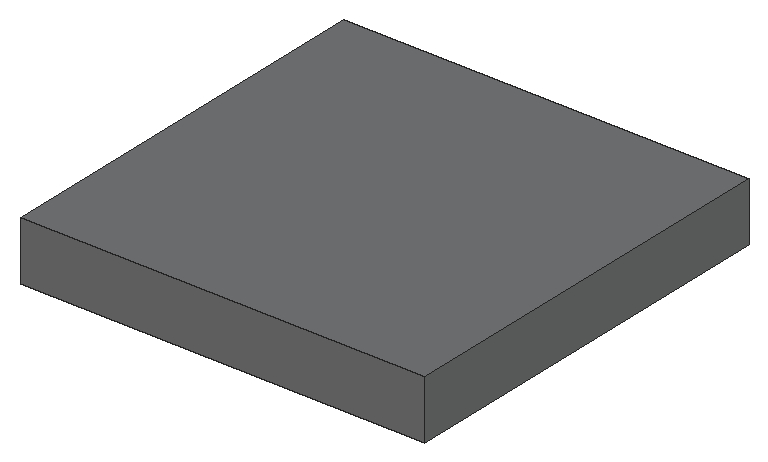
Revit family "Gira_536726", category Electrical Fixtures, host Face, Revit 2017
Family settings
  Host = Face
  Maintain Annotation Orientation = No
  Round Connector Dimension = Use Diameter
  Part Type = Normal
  Cut with Voids When Loaded = No
  Shared = No
  Room Calculation Point = No
Parameters (values of type "S3000 blind timer + timer BT System 55 c.alum.")
  With LED indication = "No"
  URL = "http://katalog.gira.de/en/datenblatt.html?artikelnr=536726"
  Transparent = "No"
  Suitable for application with venetian shutter switch = "Yes"
  Suitable for application with switch = "Yes"
  Suitable for application with dimmer = "No"
  Number of actuation points = "4"
  Name = "S3000 blind timer + timer BT System 55 c.alum."
  Manufacturer URL = "https://www.gira.de/"
  Manufacturer = "Gira"
  Keynote = ""
  HeinzeBIM = "https://bimportal.heinze.de/bim/s3000-blind-timer-timer-bt-system-55-c-alum-/7af481c12e04fa9b601bb69a49def8d8b761927f"
  HAN = "536726"
  GTIN = "4010337027515"
  Description = "S3000 blind tim. tim.BT Sys55 CAl,System 3000 blind timer and timer BT,,colour aluminium,Features:,- Manual and time-controlled operation of e.g. blinds, shutters, awnings, lighting or fans.,- Operation and programming with mobile end device (smartphone or tablet) via Bluetooth using the Gira Bluetooth app.,- Operation on System 3000 switching, dimming or blind insert or auxiliary insert 3-wire.,Functions on the top unit:,- Operation of hangings and lighting.,- The blocking function blocks operation of the auxiliary unit and deactivates automatic mode.,- Activate deactivate automatic mode.,- The runtime and an individual intermediate position can be saved using the System 3000 blind controller insert.,- Switch-on brightness of lighting can be saved using System 3000 dimming insert or DALI Power control unit.,- Adjustbable night mode. Status LED and function LED are not lit up continuously.,Functions with the Gira Bluetooth app:,- Operation of hangings and lighting with status feedback.,- Display the current hanging position or dimmer setting.,- Programming of up to 40 individual switching times.,- Blind or slat positions or switching and dimming values can be stored for each switching time.,- Switching times can be copied to other devices.,- Switching at sunrise or sunset (astro function).,- Astro time can be optimised by determining the location.,- Astro time shift adjustable.,- Random function.,- Automatic date and time refresh when connecting smartphones or tablets.,- Password protection possible for time programs and configuration (as of app version 2).,- Save a hanging position, hanging runtime, slat reversal time.,- Changeover to inverse operation possible for blind inserts.,- Maximum brightness and minimum brightness adjustable for dimming insert.,- Optional: Sun protection and twilight function are possible with System 3000 brightness and temperature sensor Bluetooth.,,Notes :,- The time is updated upon connection to the Gira Bluetooth app."
  Default Elevation = 1219.2 mm
  Data sheet (1) = "https://katalog.gira.de/en/download.html?artikelnr=536726"
  Category = "Intelligent control element"
  BIM (1) = "https://media.stage.bim.site/public/gira/36a6b08/Sys55_Abdeckung_Schalten und Tasten.rfa?public/gira/36a6b08/Sys55_Abdeckung_Schalten und Tasten.rfa"
  Available = "No"
  Application = "Control of electrical users"
  Anthrazit [instance] = Anthrazit
Reference planes
  plane 1 "Center (Front/Back)": y = 0
  plane 2: z = 0
  plane 3 "Center (Left/Right)": x = 0
Forms (mm)
  Extrusion 1, solid, material "Anthrazit" <- "Anthrazit", detail levels fine
    sketch origin (0, 0, 0) x (1, 0, 0) y (0, 1, 0)
      loop
        line (-27.5, 27.5) -> (-27.5, -27.5) -> (27.5, -27.5) -> (27.5, 27.5) -> (-27.5, 27.5)
    from 0 to 8
  Extrusion 2, void
    sketch origin (0, 0, 0) x (1, 0, 0) y (0, 1, 0)
      loop
        line (26, 26) -> (-26, 26) -> (-26, -26) -> (26, -26) -> (26, 26)
    from 0 to 6
  Extrusion 3, solid, material "Anthrazit" <- "Anthrazit", detail levels medium
    sketch origin (0, 0, 0) x (1, 0, 0) y (0, 1, 0)
      loop
        line (-27.5, 27.5) -> (-27.5, -27.5) -> (27.5, -27.5) -> (27.5, 27.5) -> (-27.5, 27.5)
    from 0 to 8
  Extrusion 4, solid, material "Anthrazit" <- "Anthrazit", detail levels medium
    sketch origin (0, 0, 0) x (1, 0, 0) y (0, 1, 0)
      loop
        line (11, -17.5) -> (11, 17.5) -> (-11, 17.5) -> (-11, -17.5) -> (11, -17.5)
    from -6 to 6
  Extrusion 5, solid, material "Anthrazit" <- "Anthrazit", detail levels fine
    sketch origin (0, 0, 0) x (1, 0, 0) y (0, 1, 0)
      loop
        line (11, 17.5) -> (-11, 17.5) -> (-11, 16.5) -> (11, 16.5) -> (11, 17.5)
      loop
        line (-11, -16.5) -> (-11, -17.5) -> (11, -17.5) -> (11, -16.5) -> (-11, -16.5)
    from -4 to 6
  Extrusion 6, solid, material "Anthrazit" <- "Anthrazit", detail levels fine
    sketch origin (0, 0, 0) x (1, 0, 0) y (0, 1, 0)
      loop
        arc (5, 9.347) -> (0, 10.6) -> (-5, 9.347) r 10.6
        line (-5, 9.347) -> (-5, -9.347)
        arc (-5, -9.347) -> (0, -10.6) -> (5, -9.347) r 10.6
        line (5, -9.347) -> (5, 9.347)
    from -6 to 6
  Extrusion 7, solid, material "Anthrazit" <- "Anthrazit", detail levels coarse
    sketch origin (0, 0, 0) x (1, 0, 0) y (0, 1, 0)
      loop
        line (-27.5, 27.5) -> (-27.5, -27.5) -> (27.5, -27.5) -> (27.5, 27.5) -> (-27.5, 27.5)
    from -6 to 8
Cuts and joins
  Extrusion 2 cuts Extrusion 1
Dimensions and locks
  aligned and locked: plane 2 to host face
  aligned and locked: level to host face
